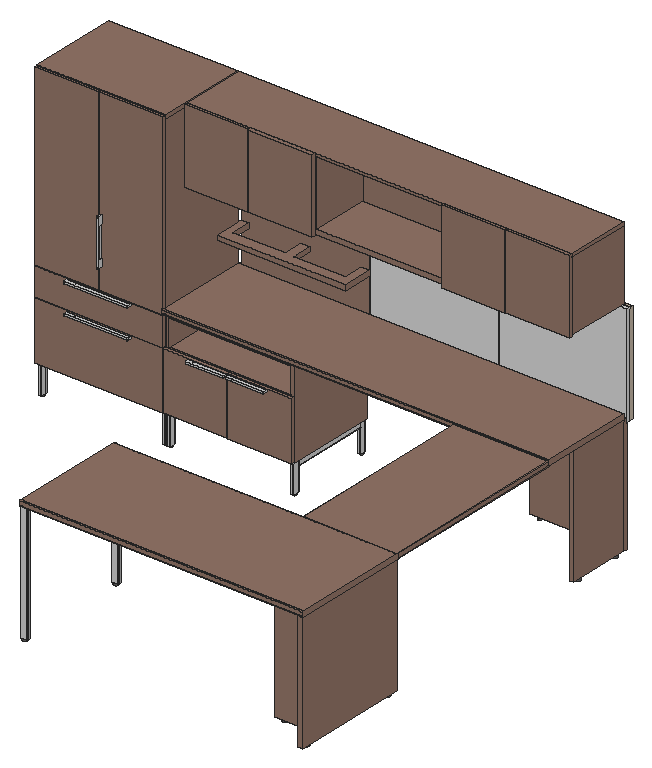
Revit family "FLV011", category Furniture, Revit 2019
Family settings
  OmniClass Number = 23.40.20.00
  OmniClass Title = General Furniture and Specialties
  Work Plane-Based = No
  Always vertical = Yes
  Cut with Voids When Loaded = No
  Shared = Yes
  Room Calculation Point = No
Parameters
  Series = "Flux Veneer"
  Manufacturer = "JSI"
  Description = "FLV011"
Reference planes (in)
  plane 1 "Center Front/Back": y = 0
  plane 2: z = 0
  plane 3 "Center Left/Right": x = 0
Dimensions and locks (in)
  aligned and locked: level to plane 2
Nested families (in)
  nested 1: "JSI-Flux-Rec_Tbl_Desk-Leg_Asmbly" at (-36.91645, -85.00468, 0) x (-1, 0, 0) z (0, 0, 1), type "FLV2866PDNEP, 66 x 28 Pen Tbl Dsk, Veneer"
    with Width 5' - 6", Depth 2' - 3 1/2"
  nested 2: "JSI-Flux-Bridge" at (-11.60231, -60.31882, -1.19599) x (0, -1, 0) z (0, 0, 1), type "FLV2244EB, Bridge, Veneer"
    with Width 3' - 8"
  nested 3: "JSI-Flux-Modular_Top" at (-54.78818, -13.03593, 0.19746), type "FLV2290MCT,  22 x 90 Mod Cred Top, Sec Sup, Veneer"
    with Width 7' - 6"
  nested 4: "JSI-Flux-Wall_Mount_OH_Cab_Opn_Compt" at (-54.72568, -13.00468, 23.2174), type "FLV1690-17WSMO,Wall Mount OH Cab Opn Cntr, 4 Dr, Veneer"
    with Width 7' - 5 7/8", Partition Distance_R 2' - 5 9/16", Partition Distance_L 2' - 5 9/16", Door Width 1' - 2 7/8", Door Array Distance 1' - 3"
  nested 5: "JSI-Flux-Wall_Mount_Tack_Panel" at (-24.76329, -10.52963, -1.99929), type "FLB3024WT, Wall Mount Tack Panel"
    with Width 2' - 6", Height 2' - 0", Depth 0' - 1.56"
  nested 6: "JSI-Flux-Wall_Mount_Tack_Panel" at (5.23671, -10.52963, -1.99092), type "FLB3024WT, Wall Mount Tack Panel"
    with Width 2' - 6", Height 2' - 0", Depth 0' - 1.56"
  nested 7: "JSI-Flux-Wardrobe-Pm_Ht" at (-84.79454, -13.00468, 0), type "FLV2230-69L6D, BF Strg Cab, Fls Lg, Veneer"
    with W yes, V_Void_Dist 0' - 2", V_Pull_R_L no, V_Pull_L_L yes, Top_V_Void_Dist 0' - 0", Top_Pull_Dist 0' - 7 21/32", Top_2_Pull_Dist 2' - 8 1/16", R_Vertical_Pull_Dist 1' - 3 7/8", Pull_Width 1' - 2 3/4", Partition no, Leg_Width 2' - 6 1/16", L_Vertical_Pull_Dist 1' - 3 5/16", Hngr_L no, Hanger_Dist 1' - 11 9/32", H_Void_Width 2' - 6 1/16", H_Void_Upper_Dist 0' - 2", H_Dist_V_Void 1' - 2 31/32", Top_Shelf_Width 2' - 4 1/2", Width 2' - 6 1/16", Partition Dist 1' - 11 9/32", H_Dist_Bottom_Shelf 0' - 0", F0 no, F no, Door Line yes, C_Shelf_Width 2' - 4 1/2", C_Pull_Dist 0' - 7 21/32", Bottom_Shelf_Width 2' - 4 1/2", Bottom_Pull_Dist 0' - 7 21/32"
  nested 8: "JSI-Flux-Workwall_Panel" at (-54.76329, -10.52963, -1.7368), type "FLV3024WPFF, Workwall Panel File Shelf, Veneer"
    with Width 2' - 6", Tray no, Tray_V_Dist 0' - 10 17/32", Tr no, Support Width 1' - 6", Tray_H_Dist 0' - 8 1/32", R_Bracket_V_Dist 0' - 0", R_Bracket Dist 0' - 1 13/16", R_Bracket yes, L_Bracket_V_Dist 0' - 0", L_Bracket yes, Cup Dist 0' - 10 17/32", Cup_H_Dist 2' - 1", Cup no, Clip no, Clip Dist 1' - 7", L_Bracket Dist 0' - 1 13/16", Acc no
  nested 9: "JSI-Flux-Md_Crdnz_Wg_End_Sup" at (-11.60231, -37.42083, 0) x (0, -1, 0) z (0, 0, 1), type "FLV2216WEAR, Md Crdnz Wg End Sup, R, Veneer"
    with Width 1' - 3 5/8", R yes, L no, End_Panel_Dist 0' - 0", Back_Panel_Width 1' - 2 3/4", Back_Panel_Dist 0' - 0 7/8"
  nested 10: "JSI-Flux- Lat_Ped_Pm_Ht" at (-59.76622, -13.00468, 0), type "FLV2230-29LM8, Pdst Opn Cmprt, Pm Ht, 2Dr, Veneer"
    with V_Void_Dist 0' - 0", Top Pull Height 1' - 1 31/64", Top Door no, Width 2' - 6", Single Door Line no, Shelf yes, Right Pull Dist 1' - 3 7/32", M8 yes, M5 no, Leg Width 2' - 6", Left Pull Dist 1' - 2 25/32", Grommet Dist 2' - 7", Db Doors Line yes, Bottom Pull Dist 0' - 10 37/64", Bottom Pull no
Definition of nested family "JSI-Flux-Rec_Tbl_Desk-Leg_Asmbly"
  Parameters (values of type "Type Catalog Family -Table Desk Leg Asmbly")
    Worksurface = none
    Width = 5' - 0"
    URL = "www.jsifurniture.com"
    Type Comments = ""
    Series = "FLUX"  # constant formula
    Model = "FLT3466PDNEP"
    Material = ""
    Manufacturer = "JSI"  # constant formula
    Keynote = "12500"
    JSI Enviromental Website = "http://www.jsifurniture.com/jsi_sustainability_intro.php"
    Height = 2' - 5"
    Glides = none
    Frame = none
    Description = "66 X 34 Rectangular Peninsula Table Desk with End Leg Assembly and Panel End"
    Depth = 2' - 9 1/2"
    Chassis = none
    Assembly Code = "E2020200"
  Reference planes (in)
    plane 1: z = 0
    plane 2 "Center (Left/Right)": x = -36.06413
    plane 3: z = 29
    plane 4: z = 27.8125
    plane 5 "Center (Front/Back)": y = 10.75
    plane 6: z = 0.3125
    plane 7: y = -22.75
    plane 8: x = 23.93587
  Forms (in)
    Extrusion 1, solid, material <- "Chassis"
      sketch origin (84, 10.625, 0.3125) x (0, 1, 0) y (-1, 0, 0)
        loop
          line (0, 118.75163) -> (0, 119.93913) -> (-33.25, 119.93913) -> (-33.25, 118.75163) -> (-27.4375, 118.75163) -> (-27.4375, 108.75163) -> (-26.25, 108.75163) -> (-26.25, 118.75163) -> (-7, 118.75163) -> (-7, 108.75163) -> (-5.8125, 108.75163) -> (-5.8125, 118.75163) -> (0, 118.75163)
      from 0 to 27.5
    Extrusion 2, solid, material <- "Frame"
      sketch origin (84, 10.625, 0.3125) x (0, 1, 0) y (-1, 0, 0)
        loop
          line (0, 60.25163) -> (0, 61.50163)
          arc (0, 61.50163) -> (-0.03661, 61.59002) -> (-0.125, 61.62663) r 0.125
          line (-0.125, 61.62663) -> (-0.625, 61.62663)
          arc (-0.625, 61.62663) -> (-0.71339, 61.59002) -> (-0.75, 61.50163) r 0.125
          line (-0.75, 61.50163) -> (-0.75, 60.25163)
          arc (-0.75, 60.25163) -> (-0.71339, 60.16325) -> (-0.625, 60.12663) r 0.125
          line (-0.625, 60.12663) -> (-0.125, 60.12663)
          arc (-0.125, 60.12663) -> (-0.03661, 60.16325) -> (0, 60.25163) r 0.125
        loop
          line (-32.5, 60.25163) -> (-32.5, 61.50163)
          arc (-32.5, 61.50163) -> (-32.53661, 61.59002) -> (-32.625, 61.62663) r 0.125
          line (-32.625, 61.62663) -> (-33.125, 61.62663)
          arc (-33.125, 61.62663) -> (-33.21339, 61.59002) -> (-33.25, 61.50163) r 0.125
          line (-33.25, 61.50163) -> (-33.25, 60.25163)
          arc (-33.25, 60.25163) -> (-33.21339, 60.16325) -> (-33.125, 60.12663) r 0.125
          line (-33.125, 60.12663) -> (-32.625, 60.12663)
          arc (-32.625, 60.12663) -> (-32.53661, 60.16325) -> (-32.5, 60.25163) r 0.125
      from 0 to 27.5
    Extrusion 3, solid, material <- "Worksurface"
      sketch origin (0, 0, 0) x (0, 1, 0) y (0, 0, 1)
        loop
          arc (10.625, 27.8125) -> (10.71339, 27.84911) -> (10.75, 27.9375) r 0.125
          line (10.75, 27.9375) -> (10.75, 28.875)
          arc (10.75, 28.875) -> (10.71339, 28.96339) -> (10.625, 29) r 0.125
          line (10.625, 29) -> (-22.625, 29)
          arc (-22.625, 29) -> (-22.71339, 28.96339) -> (-22.75, 28.875) r 0.125
          line (-22.75, 28.875) -> (-22.75, 27.9375)
          arc (-22.75, 27.9375) -> (-22.71339, 27.84911) -> (-22.625, 27.8125) r 0.125
          line (-22.625, 27.8125) -> (10.625, 27.8125)
      from -36.06413 to 23.93587
    Extrusion 4, solid, material <- "Frame"
      sketch origin (0, 0, 0) x (1, 0, 0) y (0, 0, 1)
        loop
          arc (23.24837, 27.8125) -> (23.15998, 27.77589) -> (23.12337, 27.6875) r 0.125
          line (23.12337, 27.6875) -> (23.12337, 26.4375)
          arc (23.12337, 26.4375) -> (23.15998, 26.34911) -> (23.24837, 26.3125) r 0.125
          line (23.24837, 26.3125) -> (23.74837, 26.3125)
          arc (23.74837, 26.3125) -> (23.83675, 26.34911) -> (23.87337, 26.4375) r 0.125
          line (23.87337, 26.4375) -> (23.87337, 27.6875)
          arc (23.87337, 27.6875) -> (23.83675, 27.77589) -> (23.74837, 27.8125) r 0.125
          line (23.74837, 27.8125) -> (23.24837, 27.8125)
      from -9.875 to 21.875
    Extrusion 5, solid, material <- "Glides"
      sketch origin (0, 0, 0) x (1, 0, 0) y (0, 1, 0)
        loop
          circle (-35.34216, 8.87431) r 0.55846
        loop
          circle (-26.50726, 4.22173) r 0.55846
        loop
          circle (-35.34216, -20.87431) r 0.55846
        loop
          circle (-26.50726, -16.22173) r 0.55846
      from 0 to 0.3125
    Extrusion 6, solid, material <- "Glides"
      sketch origin (59, 0, 0) x (1, 0, 0) y (0, 1, 0)
        loop
          circle (-35.85735, 10.25072) r 0.55846
        loop
          circle (-35.85735, -22.25072) r 0.55846
      from 0 to 0.3125
  Lines and regions (in)
    symbolic lines
      curve 1: line (-36.06413, -22.75, 0) -> (23.93587, -22.75, 0)
      curve 2: line (-36.06413, 10.75, 0) -> (-36.06413, -22.75, 0)
      curve 3: line (23.93587, 10.75, 0) -> (-36.06413, 10.75, 0)
      curve 4: line (23.93587, -22.75, 0) -> (23.93587, 10.75, 0)
    symbolic lines, detail levels medium+fine
      curve 5: line (-35.93913, 10.625, 0) -> (-35.93913, -22.625, 0)
      curve 6: line (-34.75163, 10.625, 0) -> (-35.93913, 10.625, 0)
      curve 7: line (-34.75163, 4.8125, 0) -> (-34.75163, 10.625, 0)
      curve 8: line (-24.75163, 4.8125, 0) -> (-34.75163, 4.8125, 0)
      curve 9: line (-24.75163, 3.625, 0) -> (-24.75163, 4.8125, 0)
      curve 10: line (-34.75163, 3.625, 0) -> (-24.75163, 3.625, 0)
      curve 11: line (-34.75163, -15.625, 0) -> (-34.75163, 3.625, 0)
      curve 12: line (-24.75163, -15.625, 0) -> (-34.75163, -15.625, 0)
      curve 13: line (-24.75163, -16.8125, 0) -> (-24.75163, -15.625, 0)
      curve 14: line (-34.75163, -16.8125, 0) -> (-24.75163, -16.8125, 0)
      curve 15: line (-34.75163, -22.625, 0) -> (-34.75163, -16.8125, 0)
      curve 16: line (-35.93913, -22.625, 0) -> (-34.75163, -22.625, 0)
      curve 17: line (23.87337, 10.625, 0) -> (22.37337, 10.625, 0)
      curve 18: line (22.37337, 9.875, 0) -> (23.87337, 9.875, 0)
      curve 19: line (23.87337, 9.875, 0) -> (23.87337, 10.625, 0)
      curve 20: line (22.37337, 10.625, 0) -> (22.37337, 9.875, 0)
      curve 21: line (22.37337, -22.625, 0) -> (23.87337, -22.625, 0)
      curve 22: line (23.87337, -21.875, 0) -> (22.37337, -21.875, 0)
      curve 23: line (22.37337, -21.875, 0) -> (22.37337, -22.625, 0)
      curve 24: line (23.87337, -22.625, 0) -> (23.87337, -21.875, 0)
  Dimensions and locks (in)
    locked: plane 6 to level at 0.3125
    "Depth": plane 7 to plane 5 "Center (Front/Back)"
    locked: plane 3 to plane 4 at 1.1875
    plane 3 to level = 2' - 5"
    "Width": plane 2 "Center (Left/Right)" to plane 8
    Extrusion 2 sketch curve to Extrusion 2 sketch curve to plane 8 = 0' - 1 1/2" locked, 0' - 0 1/16" locked  (x2)
    Extrusion 2 sketch curve to Extrusion 2 sketch curve to plane 5 "Center (Front/Back)" = 0' - 0 3/4" locked, 0' - 0 1/8" locked
    Extrusion 2 sketch curve to Extrusion 2 sketch curve to plane 7 = 0' - 0 3/4" locked, 0' - 0 1/8" locked
    plane 2 "Center (Left/Right)" to Extrusion 1 sketch curve to Extrusion 1 sketch curve to Extrusion 1 sketch curve = 0' - 0 1/8" locked, 0' - 1 3/16" locked, 0' - 10" locked
    locked: Extrusion 1 sketch curve to plane 5 "Center (Front/Back)" at 0.125
    locked: plane 7 to Extrusion 1 sketch curve at 0.125
    plane 8 to Extrusion 4 sketch curve to Extrusion 4 sketch curve = 0' - 0 1/16" locked, 0' - 0 3/4" locked
    locked: plane 4 to Extrusion 4 sketch curve at 1.5
    Extrusion 5 sketch curve to Extrusion 5 sketch curve to plane 5 "Center (Front/Back)" = 0' - 4.65258" locked, 0' - 1.87569" locked
    Extrusion 5 sketch curve to Extrusion 5 sketch curve to plane 2 "Center (Left/Right)" = 0' - 8.8349" locked, 0' - 0.72197" locked
    plane 7 to Extrusion 5 sketch curve to Extrusion 5 sketch curve = 0' - 1.87569" locked, 0' - 4.65258" locked
    plane 2 "Center (Left/Right)" to Extrusion 5 sketch curve to Extrusion 5 sketch curve = 0' - 0.72197" locked, 0' - 8.8349" locked
    locked: Extrusion 6 sketch curve to plane 8 at 0.79322  (x2)
    locked: Extrusion 6 sketch curve to plane 5 "Center (Front/Back)" at 0.49928
    locked: plane 7 to Extrusion 6 sketch curve at 0.49928
    aligned and locked: level to plane 1
    aligned and locked: plane 4 to Extrusion 1
    aligned and locked: plane 4 to Extrusion 2
    aligned and locked: Extrusion 1 to plane 6
    aligned and locked: Extrusion 2 to plane 6
    aligned and locked: Extrusion 3 sketch curve to plane 5 "Center (Front/Back)"
    aligned and locked: plane 3 to Extrusion 3 sketch curve
    aligned and locked: Extrusion 3 sketch curve to plane 4
    aligned and locked: plane 7 to Extrusion 3 sketch curve
    aligned and locked: Extrusion 3 to plane 2 "Center (Left/Right)"
    aligned and locked: plane 8 to Extrusion 3
    aligned and locked: Extrusion 1 sketch curve to Extrusion 1 sketch curve  (x3)
    aligned and locked: Extrusion 4 sketch curve to plane 4
    aligned and locked: Extrusion 4 to Extrusion 2  (x2)
    aligned and locked: Extrusion 5 to level
    aligned and locked: plane 6 to Extrusion 5
    aligned and locked: curve 2 to plane 2 "Center (Left/Right)"
    aligned and locked: plane 8 to curve 4
    aligned and locked: curve 3 to plane 5 "Center (Front/Back)"
    aligned and locked: plane 7 to curve 1
    aligned and locked: curve 5 to Extrusion 1
    aligned and locked: curve 6 to Extrusion 1
    aligned and locked: curve 7 to Extrusion 1
    aligned and locked: curve 8 to Extrusion 1
    aligned and locked: curve 9 to Extrusion 1
    aligned and locked: curve 10 to Extrusion 1
    aligned and locked: curve 11 to Extrusion 1
    aligned and locked: curve 12 to Extrusion 1
    aligned and locked: curve 13 to Extrusion 1
    aligned and locked: curve 14 to Extrusion 1
    aligned and locked: curve 15 to Extrusion 1
    aligned and locked: curve 16 to Extrusion 1
    aligned and locked: curve 17 to Extrusion 2
    aligned and locked: curve 18 to Extrusion 2
    aligned and locked: curve 19 to Extrusion 2
    aligned and locked: curve 20 to Extrusion 2
    aligned and locked: curve 21 to Extrusion 2
    aligned and locked: curve 22 to Extrusion 2
    aligned and locked: curve 23 to Extrusion 2
    aligned and locked: curve 24 to Extrusion 2
  Automatic sketch dimensions
    Extrusion 1 sketch curve to plane 7 = 0' - 5 15/16"
    Extrusion 1 sketch curve to Extrusion 1 sketch curve = 0' - 1 3/16"  (x2)
    plane 5 "Center (Front/Back)" to Extrusion 1 sketch curve = 0' - 7 1/8"
    Extrusion 2 sketch curve to Extrusion 2 sketch curve = 0' - 0 1/8"  (x8)
    Extrusion 3 sketch curve to Extrusion 3 sketch curve = 0' - 0 1/8"  (x3)
    plane 4 to Extrusion 3 sketch curve = 0' - 0 1/8"
    Extrusion 4 sketch curve to Extrusion 4 sketch curve = 0' - 0 1/8"  (x4)
    radius of Extrusion 5 sketch curve = 0' - 0.55846"  (x4)
    radius of Extrusion 6 sketch curve = 0' - 0.55846"  (x2)
Definition of nested family "JSI-Flux-Bridge"
  Parameters (values of type "Type Catalog - Bridge")
    Width = 4' - 2"
    URL = "www.jsifurniture.com"
    Type Comments = ""
    TAG = "Open"
    Top = none
    Series = "FLUX"  # constant formula
    OH Elevation = 2' - 5"
    Model = ""
    Manufacturer = "JSI"  # constant formula
    Keynote = "12500"
    JSI Enviromental Website = "http://www.jsifurniture.com/jsi_sustainability_intro.php"
    Height = 0' - 1 3/16"
    Support Panels = none
    Description = ""
    Depth = 1' - 10"
    Assembly Code = "E2020200"
  Reference planes (in)
    plane 1: z = 0
    plane 2 "Center (Left/Right)": x = -36.06413
    plane 3 "Center (Front/Back)": y = 10.75
    plane 4: y = -11.25
    plane 5: z = 29
    plane 6: x = 13.93587
    plane 7: z = 30.1875
    plane 8: z = 28
    plane 9: y = 6.75
    plane 10: y = 2.75
    plane 11: y = -7.25
    plane 12: y = -3.25
  Forms (in)
    Extrusion 1, solid, material <- "Top"
      sketch origin (0, 0, 0) x (0, 1, 0) y (0, 0, 1)
        loop
          line (10.625, 30.1875) -> (-11.125, 30.1875)
          arc (-11.125, 30.1875) -> (-11.21339, 30.15089) -> (-11.25, 30.0625) r 0.125
          line (-11.25, 30.0625) -> (-11.25, 29.125)
          arc (-11.25, 29.125) -> (-11.21339, 29.03661) -> (-11.125, 29) r 0.125
          line (-11.125, 29) -> (10.625, 29)
          arc (10.625, 29) -> (10.71339, 29.03661) -> (10.75, 29.125) r 0.125
          line (10.75, 29.125) -> (10.75, 30.0625)
          arc (10.75, 30.0625) -> (10.71339, 30.15089) -> (10.625, 30.1875) r 0.125
      from -36.06413 to 13.93587
    Extrusion 2, solid, material <- "Support Panels"
      sketch origin (0, 0, 0) x (0, 1, 0) y (0, 0, 1)
        loop
          line (6.75, 29) -> (2.75, 29) -> (2.75, 28) -> (6.75, 28) -> (6.75, 29)
      from -36.06413 to 13.93587
    Extrusion 3, solid, material <- "Support Panels"
      sketch origin (0, 0, 0) x (0, 1, 0) y (0, 0, 1)
        loop
          line (-3.25, 29) -> (-7.25, 29) -> (-7.25, 28) -> (-3.25, 28) -> (-3.25, 29)
      from -36.06413 to 13.93587
  Lines and regions (in)
    symbolic lines
      curve 1: line (-36.06413, 10.75, 0) -> (-36.06413, -11.25, 0)
      curve 2: line (13.93587, 10.75, 0) -> (13.93587, -11.25, 0)
      curve 3: line (13.93587, 10.75, 0) -> (-36.06413, 10.75, 0)
      curve 4: line (13.93587, -11.25, 0) -> (-36.06413, -11.25, 0)
  Dimensions and locks (in)
    "Depth": plane 4 to plane 3 "Center (Front/Back)"
    "OH Elevation": plane 5 to plane 1
    "Width": plane 2 "Center (Left/Right)" to plane 6
    "Height": plane 7 to plane 5
    locked: plane 5 to plane 8 at 1
    plane 10 to plane 9 to plane 3 "Center (Front/Back)" = 0' - 4" locked, 0' - 4" locked
    plane 4 to plane 11 to plane 12 = 0' - 4" locked, 0' - 4" locked
    aligned and locked: level to plane 1
    aligned and locked: plane 7 to Extrusion 1 sketch curve
    aligned and locked: plane 5 to Extrusion 1 sketch curve
    aligned and locked: plane 3 "Center (Front/Back)" to Extrusion 1 sketch curve
    aligned and locked: plane 4 to Extrusion 1 sketch curve
    aligned and locked: Extrusion 1 to plane 2 "Center (Left/Right)"
    aligned and locked: plane 6 to Extrusion 1
    aligned and locked: plane 9 to Extrusion 2 sketch curve
    aligned and locked: plane 10 to Extrusion 2 sketch curve
    aligned and locked: plane 5 to Extrusion 2 sketch curve
    aligned and locked: plane 8 to Extrusion 2 sketch curve
    aligned and locked: plane 12 to Extrusion 3 sketch curve
    aligned and locked: plane 11 to Extrusion 3 sketch curve
    aligned and locked: plane 5 to Extrusion 3 sketch curve
    aligned and locked: plane 8 to Extrusion 3 sketch curve
    aligned and locked: Extrusion 2 to plane 2 "Center (Left/Right)"
    aligned and locked: Extrusion 3 to plane 2 "Center (Left/Right)"
    aligned and locked: plane 6 to Extrusion 2
    aligned and locked: plane 6 to Extrusion 3
    aligned and locked: curve 1 to plane 2 "Center (Left/Right)"
    aligned and locked: curve 2 to plane 6
    aligned and locked: curve 3 to plane 3 "Center (Front/Back)"
    aligned and locked: curve 4 to plane 4
  Automatic sketch dimensions
    Extrusion 1 sketch curve to plane 4 = 0' - 0 1/8"  (x2)
    plane 3 "Center (Front/Back)" to Extrusion 1 sketch curve = 0' - 0 1/8"  (x2)
Definition of nested family "JSI-Flux-Modular_Top"
  Parameters (values of type "Type Catalog Family - Credenza Top")
    Worksurface = none
    Width = 1' - 6"
    URL = "www.jsifurniture.com"
    Type Comments = ""
    Series = "FLUX"  # constant formula
    Model = "FLT2118MCT"
    Material = ""
    Manufacturer = "JSI"  # constant formula
    Keynote = "12500"
    JSI Enviromental Website = "http://www.jsifurniture.com/jsi_sustainability_intro.php"
    Height = 2' - 5"
    Description = "Credenza Top, Depth 22”, Width 18”, Laminate"
    Depth = 1' - 10"
    Assembly Code = "E2020200"
  Reference planes (in)
    plane 1: z = 0
    plane 2 "Center (Left/Right)": x = -36.06413
    plane 3: z = 29
    plane 4: z = 27.8125
    plane 5: y = -11.25
    plane 6 "Center (Front/Back)": y = 10.75
    plane 7: x = -18.06413
    plane 8: z = 0.3125
    plane 9: x = -18.12663
  Forms (in)
    Extrusion 1, solid, material <- "Worksurface"
      sketch origin (0, 0, 0) x (0, 1, 0) y (0, 0, 1)
        loop
          arc (10.625, 27.8125) -> (10.71339, 27.84911) -> (10.75, 27.9375) r 0.125
          line (10.75, 27.9375) -> (10.75, 28.875)
          arc (10.75, 28.875) -> (10.71339, 28.96339) -> (10.625, 29) r 0.125
          line (10.625, 29) -> (-11.125, 29)
          arc (-11.125, 29) -> (-11.21339, 28.96339) -> (-11.25, 28.875) r 0.125
          line (-11.25, 28.875) -> (-11.25, 27.9375)
          arc (-11.25, 27.9375) -> (-11.21339, 27.84911) -> (-11.125, 27.8125) r 0.125
          line (-11.125, 27.8125) -> (10.625, 27.8125)
      from -36.06413 to -18.06413
  Lines and regions (in)
    symbolic lines
      curve 1: line (-36.06413, 10.75, 0) -> (-18.06413, 10.75, 0)
      curve 2: line (-36.06413, -11.25, 0) -> (-36.06413, 10.75, 0)
      curve 3: line (-18.06413, -11.25, 0) -> (-36.06413, -11.25, 0)
      curve 4: line (-18.06413, 10.75, 0) -> (-18.06413, -11.25, 0)
    symbolic lines, detail levels medium+fine
      curve 5: line (-18.09489, 10.625, 0) -> (-18.09489, 9.875, 0)
  Dimensions and locks (in)
    "Height": plane 3 to level
    locked: plane 3 to plane 4 at 1.1875
    "Width": plane 2 "Center (Left/Right)" to plane 7
    locked: plane 8 to level at 0.3125
    plane 9 to plane 7 = 0' - 0 1/16"
    plane 2 "Center (Left/Right)" to plane 7 = 1' - 6"
    "Depth": plane 5 to plane 6 "Center (Front/Back)"
    aligned and locked: level to plane 1
    aligned and locked: plane 2 "Center (Left/Right)" to curve 2
    aligned and locked: plane 6 "Center (Front/Back)" to curve 1
    aligned and locked: plane 7 to curve 4
    aligned and locked: Extrusion 1 sketch curve to plane 6 "Center (Front/Back)"
    aligned and locked: Extrusion 1 sketch curve to plane 4
    aligned and locked: plane 3 to Extrusion 1 sketch curve
    aligned and locked: Extrusion 1 sketch curve to plane 5
    aligned and locked: Extrusion 1 to plane 2 "Center (Left/Right)"
    aligned and locked: Extrusion 1 to plane 7
  Automatic sketch dimensions
    plane 5 to Extrusion 1 sketch curve = 0' - 0 1/8"  (x2)
    plane 6 "Center (Front/Back)" to Extrusion 1 sketch curve = 0' - 0 1/8"  (x2)
    curve 3 to plane 5 = 0' - 0"
    plane 6 "Center (Front/Back)" to curve 5 = 0' - 0 7/8"
    plane 7 to curve 5 = 0' - 0.03076"
    plane 6 "Center (Front/Back)" to curve 5 = 0' - 0 1/8"
Definition of nested family "JSI-Flux-Wall_Mount_OH_Cab_Opn_Compt"
  Parameters (values of type "Type Catalog - Wall Mount OH Cab Opn Compt")
    Wiring Hole Dist = if(Door Adjust > 3, 1' 6", 0' 9")  # 1' - 6"
    Top = none
    Width = 7' - 11 7/8"
    URL = "www.jsifurniture.com"
    Type Comments = ""
    TAG = if(Width > 6' 6", "2 Doors - Open - 2 Doors", (if(Width > 4' 6", (if(Part_R, "Open - 2 Doors", "2 Doors - Open")), "1 Door - Open - 1 Door")))  # "2 Doors - Open - 2 Doors"
    Shelf = none
    Series = "FLUX"  # constant formula
    Part_R = yes
    Part_L = yes
    Partition Distance_R = if(Door Adjust = 6, ((Door Width * 2) + 0' 0 1/8" - 0' 0 5/16"), (if(Door Adjust = 4, ((Width / 2) - 0' 0 3/8"), (if(Door Adjust = 3, (Door Width - 0' 0 5/16"), 0' 0")))))  # 2' - 7 9/16"
    Partition Distance_L = if(Door Adjust = 6, ((Door Width * 2) + 0' 0 1/8" - 0' 0 5/16"), (if(Door Adjust = 4, ((Width / 2) - 0' 0 3/8"), (if(Door Adjust = 3, (Door Width - 0' 0 5/16"), 0' 0")))))  # 2' - 7 9/16"
    OH Elevation = 2' - 5"
    Model = ""
    Manufacturer = "JSI"  # constant formula
    Level of Base Shelve = 0' - 0"
    Keynote = "12500"
    JSI Enviromental Website = "http://www.jsifurniture.com/jsi_sustainability_intro.php"
    Height = 1' - 5"
    Door Width = (Width - (0' 0 1/8" * (Door Adjust - 1))) / Door Adjust  # 1' - 3 7/8"
    Door Array Distance = if(Width > 4' 6", (Door Width + 0' 0 1/8"), 0' 0")  # 1' - 4"
    Back Panel = none
    Door Front = none
    Description = ""
    Depth = 1' - 3 7/8"
    Chassis = none
    Assembly Code = "E2020200"
    Door Adjust = if(Width > 6' 6", 6, if(Width > 4' 6", 4, (if(Width > 3' 0", 3, 2))))  # 6
    # of Doors = 2
  Reference planes (in)
    plane 1: z = 0
    plane 2 "Center (Left/Right)": x = -36.06413
    plane 3 "Center (Front/Back)": y = 10.75
    plane 4: y = 9.25
    plane 5: x = -35.31413
    plane 6: x = 59.81087
    plane 7: x = 59.06087
    plane 8: x = -4.50163
    plane 9: x = -3.75163
    plane 10: x = 28.24837
    plane 11: x = 27.49837
    plane 12: y = -5.0625
    plane 13: y = -4.3125
    plane 14: y = -4.25
    plane 15: y = -2.0625
    plane 16: y = -5.125
    plane 17: x = 11.87337
    plane 18: z = 29
    plane 19: z = 29
    plane 20: z = 30.1875
    plane 21: z = 28.75
    plane 22: z = 45.25
    plane 23: z = 46
    plane 24: y = 9.1875
    plane 25: y = 9.9375
    plane 26: x = -20.18913
    plane 27: x = -20.06413
    plane 28: z = 28.5
    plane 29: x = -35.31413
    plane 30: x = -4.50163
    plane 31: x = -3.75163
    plane 32: x = 28.24837
    plane 33: x = 27.49837
    plane 34: x = 59.06087
    plane 35: x = -18.06413
    plane 36: x = 41.81087
    plane 37: x = 43.93587
    plane 38: x = 43.81087
    plane 39: x = -34.31413
    plane 40: x = 58.06087
    plane 41: z = 40.0625
    plane 42: z = 42.25
  Forms (in)
    Extrusion 1, solid, material <- "Chassis"
      sketch origin (0, 0, 0) x (1, 0, 0) y (0, 1, 0)
        loop
          line (-36.06413, 10.75) -> (-36.06413, -4.25) -> (-35.31413, -4.25) -> (-35.31413, 10.75) -> (-36.06413, 10.75)
      from 29 to 45.25
    Extrusion 2, solid, material <- "Chassis"
      sketch origin (0, 0, 0) x (1, 0, 0) y (0, 1, 0)
        loop
          line (59.06087, 10.75) -> (59.06087, -4.25) -> (59.81087, -4.25) -> (59.81087, 10.75) -> (59.06087, 10.75)
      from 29 to 45.25
    Extrusion 3, solid, material <- "Top"
      sketch origin (0, 0, 0) x (1, 0, 0) y (0, 0, 1)
        loop
          line (-36.06413, 45.25) -> (59.81087, 45.25) -> (59.81087, 46) -> (-36.06413, 46) -> (-36.06413, 45.25)
      from -10.75 to 4.25
    Extrusion 4, solid, material <- "Shelf"
      sketch origin (0, 0, 0) x (1, 0, 0) y (0, 0, 1)
        loop
          line (-35.31413, 30.1875) -> (-35.31413, 29) -> (59.06087, 29) -> (59.06087, 30.1875) -> (-35.31413, 30.1875)
      from -9.1875 to 4.25
    Extrusion 5, solid, material <- "Back Panel"
      sketch origin (0, 0, 0) x (1, 0, 0) y (0, 0, 1)
        loop
          line (-35.31413, 45.25) -> (-35.31413, 29) -> (59.06087, 29) -> (59.06087, 45.25) -> (-35.31413, 45.25)
      from -9.9375 to -9.1875
    Extrusion 6, solid, material <- "Chassis", visible <- "Part_L"
      sketch origin (0, 0, 0) x (1, 0, 0) y (0, 1, 0)
        loop
          line (-4.50163, 9.1875) -> (-4.50163, -4.25) -> (-3.75163, -4.25) -> (-3.75163, 9.1875) -> (-4.50163, 9.1875)
      from 30.1875 to 45.25
    Extrusion 7, solid, material <- "Chassis", visible <- "Part_R"
      sketch origin (0, 0, 0) x (1, 0, 0) y (0, 1, 0)
        loop
          line (27.49837, 9.1875) -> (27.49837, -4.25) -> (28.24837, -4.25) -> (28.24837, 9.1875) -> (27.49837, 9.1875)
      from 30.1875 to 45.25
    Extrusion 8, solid, material <- "Door Front", visible <- "Part_L"
      sketch origin (0, 0, -23) x (1, 0, 0) y (0, 0, 1)
        loop
          line (-36.06413, 69) -> (-36.06413, 51.75) -> (-20.18913, 51.75) -> (-20.18913, 69) -> (-36.06413, 69)
      from 4.3125 to 5.0625
    Extrusion 9, solid, material <- "Door Front", visible <- "Part_L"
      sketch origin (16, 0, -23) x (1, 0, 0) y (0, 0, 1)
        loop
          line (-36.06413, 69) -> (-36.06413, 51.75) -> (-20.18913, 51.75) -> (-20.18913, 69) -> (-36.06413, 69)
      from 4.3125 to 5.0625
    Extrusion 10, solid, material <- "Door Front", visible <- "Part_R"
      sketch origin (0, 0, -23) x (1, 0, 0) y (0, 0, 1)
        loop
          line (43.93587, 69) -> (43.93587, 51.75) -> (59.81087, 51.75) -> (59.81087, 69) -> (43.93587, 69)
      from 4.3125 to 5.0625
    Extrusion 11, solid, material <- "Door Front", visible <- "Part_R"
      sketch origin (-16, 0, -23) x (1, 0, 0) y (0, 0, 1)
        loop
          line (43.93587, 69) -> (43.93587, 51.75) -> (59.81087, 51.75) -> (59.81087, 69) -> (43.93587, 69)
      from 4.3125 to 5.0625
    Extrusion 12, solid, material <- "Back Panel"
      sketch origin (0, 0, 0) x (0, 1, 0) y (0, 0, 1)
        loop
          line (10.75, 45.25) -> (9.9375, 45.25) -> (9.9375, 42.25) -> (10.75, 42.25) -> (10.75, 45.25)
      from -35.31413 to 59.06087
    Extrusion 13, solid, material <- "Back Panel"
      sketch origin (0, 0, 0) x (0, 1, 0) y (0, 0, 1)
        loop
          line (10.75, 42.25) -> (9.9375, 42.25) -> (9.9375, 40.0625) -> (10.75, 40.0625) -> (10.75, 42.25)
      from -34.31413 to 58.06087
  Lines and regions (in)
    symbolic lines
      curve 1: line (-36.06413, 10.75, 0) -> (-36.06413, -4.25, 0)
      curve 2: line (59.81087, 10.75, 0) -> (-36.06413, 10.75, 0)
      curve 3: line (59.81087, 10.75, 0) -> (59.81087, -4.25, 0)
      curve 4: line (59.81087, -4.25, 0) -> (-36.06413, -4.25, 0)
    symbolic lines, visible <- "Part_L"
      curve 5: line (-36.06413, -4.3125, 0) -> (-36.06413, -5.0625, 0)
      curve 6: line (-20.18913, -5.0625, 0) -> (-20.18913, -4.3125, 0)
      curve 7: line (-20.18913, -4.3125, 0) -> (-36.06413, -4.3125, 0)
      curve 8: line (-36.06413, -5.0625, 0) -> (-20.18913, -5.0625, 0)
      curve 9: line (-20.06413, -4.3125, 0) -> (-20.06413, -5.0625, 0)
      curve 10: line (-4.18913, -5.0625, 0) -> (-4.18913, -4.3125, 0)
      curve 11: line (-4.18913, -4.3125, 0) -> (-20.06413, -4.3125, 0)
      curve 12: line (-20.06413, -5.0625, 0) -> (-4.18913, -5.0625, 0)
    symbolic lines, visible <- "Part_R"
      curve 13: line (59.81087, -5.0625, 0) -> (59.81087, -4.3125, 0)
      curve 14: line (43.93587, -4.3125, 0) -> (43.93587, -5.0625, 0)
      curve 15: line (59.81087, -4.3125, 0) -> (43.93587, -4.3125, 0)
      curve 16: line (43.93587, -5.0625, 0) -> (59.81087, -5.0625, 0)
      curve 17: line (43.81087, -5.0625, 0) -> (43.81087, -4.3125, 0)
      curve 18: line (27.93587, -4.3125, 0) -> (27.93587, -5.0625, 0)
      curve 19: line (43.81087, -4.3125, 0) -> (27.93587, -4.3125, 0)
      curve 20: line (27.93587, -5.0625, 0) -> (43.81087, -5.0625, 0)
    symbolic lines, detail levels medium+fine
      curve 21: line (-35.31413, 9.1875, 0) -> (59.06087, 9.1875, 0)
      curve 22: line (59.06087, 9.1875, 0) -> (59.06087, 9.9375, 0)
      curve 23: line (59.06087, 9.9375, 0) -> (-35.31413, 9.9375, 0)
      curve 24: line (-35.31413, 9.9375, 0) -> (-35.31413, 9.1875, 0)
      curve 25: line (59.06087, 10.75, 0) -> (59.06087, -4.25, 0)
      curve 26: line (-35.31413, -4.25, 0) -> (-35.31413, 10.75, 0)
    symbolic lines, visible <- "Part_L", detail levels medium+fine
      curve 27: line (-3.75163, -4.25, 0) -> (-3.75163, 9.1875, 0)
      curve 28: line (-3.75163, 9.1875, 0) -> (-4.50163, 9.1875, 0)
      curve 29: line (-4.50163, 9.1875, 0) -> (-4.50163, -4.25, 0)
      curve 30: line (-4.50163, -4.25, 0) -> (-3.75163, -4.25, 0)
    symbolic lines, visible <- "Part_R", detail levels medium+fine
      curve 31: line (28.24837, -4.25, 0) -> (28.24837, 9.1875, 0)
      curve 32: line (28.24837, 9.1875, 0) -> (27.49837, 9.1875, 0)
      curve 33: line (27.49837, 9.1875, 0) -> (27.49837, -4.25, 0)
      curve 34: line (27.49837, -4.25, 0) -> (28.24837, -4.25, 0)
  Dimensions and locks (in)
    "Width": plane 2 "Center (Left/Right)" to plane 6
    "Depth": plane 16 to plane 3 "Center (Front/Back)"
    plane 12 to plane 13 to plane 14 to plane 15 = 0' - 0 3/4" locked, 0' - 0 1/16" locked, 0' - 2 3/16" locked
    locked: plane 16 to plane 12 at 0.0625
    locked: plane 2 "Center (Left/Right)" to plane 5 at 0.75
    locked: plane 8 to plane 9 at 0.75
    locked: plane 11 to plane 10 at 0.75
    locked: plane 7 to plane 6 at 0.75
    equal spacing: plane 2 "Center (Left/Right)", plane 17, plane 6
    "Height": plane 23 to plane 18
    "OH Elevation": plane 18 to plane 1
    plane 23 to plane 22 to plane 41 = 0' - 0 3/4" locked, 0' - 5 3/16" locked
    locked: plane 20 to plane 19 at 1.1875
    "Level of Base Shelve": plane 19 to plane 18
    plane 19 to plane 21 to plane 28 = 0' - 0 1/4" locked, 0' - 0 1/4" locked
    locked: plane 24 to plane 4 at 0.0625
    "Partition Distance_L": plane 2 "Center (Left/Right)" to plane 8
    "Partition Distance_R": plane 10 to plane 6
    plane 2 "Center (Left/Right)" to plane 29 = 0' - 0 3/4"
    equal spacing: group 1, group 2, group 3, group 8, group 9, group 10  (x3)
    "Wiring Hole Dist": plane 2 "Center (Left/Right)" to plane 35
    "Wiring Hole Dist": plane 36 to plane 6
    "Door Width": Extrusion 8 sketch curve to Extrusion 8 sketch curve
    "Door Width": Extrusion 9 sketch curve to Extrusion 9 sketch curve
    group 4 to group 5 = 1' - 4"
    group 4 to group 5 = 0' - 0"  (x2)
    "Door Array Distance": Extrusion 8 to Extrusion 9
    "Door Width": Extrusion 10 sketch curve to Extrusion 10 sketch curve
    "Door Width": Extrusion 11 sketch curve to Extrusion 11 sketch curve
    group 7 to group 6 = 1' - 4"
    group 6 to group 7 = 0' - 0"  (x2)
    "Door Array Distance": Extrusion 11 to Extrusion 10
    plane 24 to plane 25 to plane 3 "Center (Front/Back)" = 0' - 0 3/4" locked, 0' - 0 13/16" locked
    locked: plane 29 to plane 39 at 1
    locked: plane 40 to plane 34 at 1
    locked: plane 22 to plane 42 at 3
    aligned and locked: level to plane 1
    aligned and locked: Extrusion 1 sketch curve to plane 2 "Center (Left/Right)"
    aligned and locked: Extrusion 1 sketch curve to plane 5
    aligned and locked: Extrusion 1 sketch curve to plane 3 "Center (Front/Back)"
    aligned and locked: Extrusion 1 sketch curve to plane 14
    aligned and locked: Extrusion 2 sketch curve to plane 7
    aligned and locked: Extrusion 2 sketch curve to plane 6
    aligned and locked: Extrusion 2 sketch curve to plane 3 "Center (Front/Back)"
    aligned and locked: Extrusion 2 sketch curve to plane 14
    aligned and locked: plane 22 to Extrusion 1
    aligned and locked: plane 22 to Extrusion 2
    aligned and locked: Extrusion 1 to plane 18
    aligned and locked: Extrusion 2 to plane 18
    aligned and locked: Extrusion 3 sketch curve to plane 22
    aligned and locked: Extrusion 3 sketch curve to plane 23
    aligned and locked: Extrusion 3 sketch curve to plane 2 "Center (Left/Right)"
    aligned and locked: Extrusion 3 sketch curve to plane 6
    aligned and locked: Extrusion 4 sketch curve to plane 20
    aligned and locked: Extrusion 4 sketch curve to plane 19
    aligned and locked: Extrusion 4 sketch curve to plane 5
    aligned and locked: Extrusion 4 sketch curve to plane 7
    aligned and locked: Extrusion 3 to plane 3 "Center (Front/Back)"
    aligned and locked: plane 14 to Extrusion 3
    aligned and locked: Extrusion 4 to plane 24
    aligned and locked: plane 14 to Extrusion 4
    aligned and locked: Extrusion 5 sketch curve to plane 22
    aligned and locked: Extrusion 5 sketch curve to plane 5
    aligned and locked: Extrusion 5 sketch curve to plane 7
    aligned and locked: Extrusion 5 sketch curve to plane 18
    aligned and locked: Extrusion 5 to plane 25
    aligned and locked: plane 24 to Extrusion 5
    aligned and locked: Extrusion 6 sketch curve to plane 8
    aligned and locked: Extrusion 6 sketch curve to plane 9
    aligned and locked: Extrusion 6 sketch curve to plane 24
    aligned and locked: Extrusion 6 sketch curve to plane 14
    aligned and locked: Extrusion 7 sketch curve to plane 11
    aligned and locked: Extrusion 7 sketch curve to plane 10
    aligned and locked: Extrusion 7 sketch curve to plane 24
    aligned and locked: Extrusion 7 sketch curve to plane 14
    aligned and locked: plane 22 to Extrusion 6
    aligned and locked: Extrusion 6 to plane 20
    aligned and locked: plane 22 to Extrusion 7
    aligned and locked: Extrusion 7 to plane 20
    aligned and locked: plane 17 to nested 1
    aligned and locked: plane 12 to nested 1
    aligned and locked: curve 1 to plane 2 "Center (Left/Right)"
    aligned and locked: curve 2 to plane 3 "Center (Front/Back)"
    aligned and locked: curve 3 to plane 6
    aligned and locked: curve 4 to plane 14
    aligned and locked: Extrusion 8 to plane 13
    aligned and locked: plane 12 to Extrusion 8
    aligned and locked: Extrusion 10 to plane 13
    aligned and locked: plane 12 to Extrusion 10
    aligned and locked: plane 6 to Extrusion 10
    aligned and locked: Extrusion 8 to plane 2 "Center (Left/Right)"
    aligned and locked: curve 5 to Extrusion 8
    aligned and locked: curve 6 to Extrusion 8
    aligned and locked: curve 7 to Extrusion 8
    aligned and locked: curve 8 to Extrusion 8
    aligned and locked: curve 9 to Extrusion 9
    aligned and locked: curve 10 to Extrusion 9
    aligned and locked: curve 11 to Extrusion 9
    aligned and locked: curve 12 to Extrusion 9
    aligned and locked: curve 13 to Extrusion 10
    aligned and locked: curve 14 to Extrusion 10
    aligned and locked: curve 15 to Extrusion 10
    aligned and locked: curve 16 to Extrusion 10
    aligned and locked: curve 17 to Extrusion 11
    aligned and locked: curve 18 to Extrusion 11
    aligned and locked: curve 19 to Extrusion 11
    aligned and locked: curve 20 to Extrusion 11
    aligned and locked: Extrusion 8 to plane 21
    aligned and locked: Extrusion 9 to plane 21
    aligned and locked: Extrusion 10 to plane 21
    aligned and locked: Extrusion 11 to plane 21
    aligned and locked: plane 23 to Extrusion 8
    aligned and locked: plane 23 to Extrusion 10
    aligned and locked: plane 7 to plane 34
    aligned and locked: plane 3 "Center (Front/Back)" to Extrusion 12 sketch curve
    aligned and locked: plane 25 to Extrusion 12 sketch curve
    aligned and locked: plane 22 to Extrusion 12 sketch curve
    aligned and locked: plane 42 to Extrusion 12 sketch curve
    aligned and locked: plane 3 "Center (Front/Back)" to Extrusion 13 sketch curve
    aligned and locked: plane 25 to Extrusion 13 sketch curve
    aligned and locked: plane 42 to Extrusion 13 sketch curve
    aligned and locked: plane 41 to Extrusion 13 sketch curve
    aligned and locked: Extrusion 12 to plane 29
    aligned and locked: Extrusion 13 to plane 39
    aligned and locked: plane 34 to Extrusion 12
    aligned and locked: plane 40 to Extrusion 13
    aligned and locked: curve 21 to Extrusion 5
    aligned and locked: curve 22 to Extrusion 5
    aligned and locked: curve 23 to Extrusion 5
    aligned and locked: curve 24 to Extrusion 5
    aligned and locked: curve 25 to Extrusion 2
    aligned and locked: curve 26 to Extrusion 1
    aligned and locked: curve 27 to Extrusion 6
    aligned and locked: curve 28 to Extrusion 6
    aligned and locked: curve 29 to Extrusion 6
    aligned and locked: curve 30 to Extrusion 6
    aligned and locked: curve 31 to Extrusion 7
    aligned and locked: curve 32 to Extrusion 7
    aligned and locked: curve 33 to Extrusion 7
    aligned and locked: curve 34 to Extrusion 7
    aligned and locked: plane 14 to curve 26
    aligned and locked: plane 3 "Center (Front/Back)" to curve 26
    aligned and locked: plane 14 to curve 25
    aligned and locked: plane 3 "Center (Front/Back)" to curve 25
  Automatic sketch dimensions
    Extrusion 8 sketch curve to Extrusion 8 sketch curve = 1' - 5 1/4"
    Extrusion 9 sketch curve to Extrusion 9 sketch curve = 1' - 5 1/4"
    Extrusion 10 sketch curve to Extrusion 10 sketch curve = 1' - 5 1/4"
    Extrusion 11 sketch curve to Extrusion 11 sketch curve = 1' - 5 1/4"
    curve 5 to curve 7 = 1' - 3 7/8"
    curve 8 to curve 6 = 0' - 0 3/4"
    curve 9 to curve 11 = 1' - 3 7/8"
    curve 12 to curve 10 = 0' - 0 3/4"
    curve 14 to curve 15 = 1' - 3 7/8"
    curve 14 to curve 14 = 0' - 0 3/4"
    curve 18 to curve 19 = 1' - 3 7/8"
    curve 18 to curve 18 = 0' - 0 3/4"
  Nested families (in)
    nested 1: "Label 1-16 OH" at (11.87337, -5.0625, 0), type "OH DOORS"
  Definition of nested family "Label 1-16 OH"
    Parameters
      Width = 0' - 1"
      Model Name = "6 Doors"
    Reference planes (in)
      plane 1: y = 0
      plane 2: x = 0
    Text (in)
      label "XX" at (0.00051, -0.12324, 0), shows "Model Name"
Definition of nested family "JSI-Flux-Wall_Mount_Tack_Panel"
  Parameters (values of type "Type Catalog - Wall Mount Tack Board")
    Width = 2' - 4 1/4"
    URL = "www.jsifurniture.com"
    Type Comments = ""
    TAG = ""
    Support Width = if(Width > 3' 3", 2' 6", (if(Width > 2' 9", 2' 0", (if(Width > 2' 0", 1' 6", (if(Width > 1' 6", 1' 0", 0' 7")))))))  # 1' - 6"
    Support Height = if(Height > 3' 5", 0' 7 1/2", if(Height > 2' 8", 0' 11 1/2", 0' 2 1/4"))  # 0' - 2 1/4"
    Support = none
    Series = "FLUX"  # constant formula
    OH Elevation = 2' - 5"
    Model = ""
    Manufacturer = "JSI"  # constant formula
    Keynote = "12500"
    JSI Enviromental Website = "http://www.jsifurniture.com/jsi_sustainability_intro.php"
    Height = 2' - 6"
    Tackboard = none
    Description = "Wall Mount Tack Board"
    Depth = 0' - 1 1/2"
    Chassis = none
    Assembly Code = "E2020200"
  Reference planes (in)
    plane 1: z = 0
    plane 2 "Center (Left/Right)": x = -36.06413
    plane 3 "Center (Front/Back)": y = 10.75
    plane 4: x = -7.81413
    plane 5: y = 10
    plane 6: y = 9.25
    plane 7: x = -21.93913
    plane 8: x = -33.06413
    plane 9: x = -10.81413
    plane 10: z = 59
    plane 11: z = 58.75
    plane 12: z = 55.75
    plane 13: z = 53.5
    plane 14: z = 31.25
    plane 15: z = 33.5
    plane 16: z = 54.25
    plane 17: z = 32
    plane 18: x = -30.93913
    plane 19: x = -12.93913
    plane 20: z = 29
  Forms (in)
    Extrusion 1, solid, material <- "Tackboard"
      sketch origin (0, 0, 0) x (1, 0, 0) y (0, 1, 0)
        loop
          line (-7.81413, 10) -> (-36.06413, 10) -> (-36.06413, 9.25) -> (-7.81413, 9.25) -> (-7.81413, 10)
      from 29 to 58.75
    Extrusion 2, solid, material <- "Chassis"
      sketch origin (0, 0, 0) x (1, 0, 0) y (0, 1, 0)
        loop
          line (-36.06413, 10.75) -> (-36.06413, 10) -> (-33.06413, 10) -> (-33.06413, 10.75) -> (-36.06413, 10.75)
      from 29 to 58.75
    Extrusion 3, solid, material <- "Chassis"
      sketch origin (0, 0, 0) x (1, 0, 0) y (0, 1, 0)
        loop
          line (-10.81413, 10.75) -> (-10.81413, 10) -> (-7.81413, 10) -> (-7.81413, 10.75) -> (-10.81413, 10.75)
      from 29 to 58.75
    Extrusion 4, solid, material <- "Chassis"
      sketch origin (0, 0, 0) x (0, 1, 0) y (0, 0, 1)
        loop
          line (10.75, 58.75) -> (10, 58.75) -> (10, 55.75) -> (10.75, 55.75) -> (10.75, 58.75)
      from -33.06413 to -10.81413
    Extrusion 5, solid, material <- "Support"
      sketch origin (0, 0, 0) x (0, 1, 0) y (0, 0, 1)
        loop
          line (10.75, 54.25) -> (10.75, 55.75) -> (10, 55.75) -> (10, 54.25) -> (10.75, 54.25)
      from -30.93913 to -12.93913
    Extrusion 6, solid, material <- "Support"
      sketch origin (0, 0, 0) x (0, 1, 0) y (0, 0, 1)
        loop
          line (10.75, 54.25) -> (10, 54.25) -> (10, 53.5) -> (10.75, 53.5) -> (10.75, 54.25)
      from -30.93913 to -12.93913
    Extrusion 7, solid, material <- "Support"
      sketch origin (0, 0, 0) x (0, 1, 0) y (0, 0, 1)
        loop
          line (10.75, 33.5) -> (10, 33.5) -> (10, 32) -> (10.75, 32) -> (10.75, 33.5)
      from -30.93913 to -12.93913
    Extrusion 8, solid, material <- "Support"
      sketch origin (0, 0, 0) x (0, 1, 0) y (0, 0, 1)
        loop
          line (10.75, 32) -> (10, 32) -> (10, 31.25) -> (10.75, 31.25) -> (10.75, 32)
      from -30.93913 to -12.93913
  Lines and regions (in)
    symbolic lines
      curve 1: line (-36.06413, 10.75, 0) -> (-36.06413, 9.25, 0)
      curve 2: line (-7.81413, 10.75, 0) -> (-7.81413, 9.25, 0)
      curve 3: line (-7.81413, 10.75, 0) -> (-36.06413, 10.75, 0)
      curve 4: line (-7.81413, 9.25, 0) -> (-36.06413, 9.25, 0)
  Dimensions and locks (in)
    locked: plane 5 to plane 3 "Center (Front/Back)" at 0.75
    "Depth": plane 6 to plane 3 "Center (Front/Back)"
    "Width": plane 2 "Center (Left/Right)" to plane 4
    equal spacing: plane 2 "Center (Left/Right)", plane 7, plane 4
    locked: plane 2 "Center (Left/Right)" to plane 8 at 3
    locked: plane 9 to plane 4 at 3
    plane 10 to plane 11 to plane 12 = 0' - 0 1/4" locked, 0' - 3" locked
    locked: plane 12 to plane 13 at 2.25
    locked: plane 15 to plane 14 at 2.25
    locked: plane 15 to plane 17 at 1.5
    locked: plane 12 to plane 16 at 1.5
    "Support Width": plane 18 to plane 19
    equal spacing: plane 18, plane 7, plane 19
    "OH Elevation": plane 20 to plane 1
    "Height": plane 10 to plane 20
    "Support Height": plane 14 to plane 20
    aligned and locked: level to plane 1
    aligned and locked: Extrusion 1 sketch curve to plane 5
    aligned and locked: Extrusion 1 sketch curve to plane 6
    aligned and locked: Extrusion 1 sketch curve to plane 2 "Center (Left/Right)"
    aligned and locked: Extrusion 1 sketch curve to plane 4
    aligned and locked: plane 11 to Extrusion 1
    aligned and locked: Extrusion 1 to plane 20
    aligned and locked: Extrusion 2 sketch curve to plane 2 "Center (Left/Right)"
    aligned and locked: Extrusion 2 sketch curve to plane 8
    aligned and locked: Extrusion 2 sketch curve to plane 5
    aligned and locked: Extrusion 2 sketch curve to plane 3 "Center (Front/Back)"
    aligned and locked: Extrusion 3 sketch curve to plane 9
    aligned and locked: Extrusion 3 sketch curve to plane 4
    aligned and locked: Extrusion 3 sketch curve to plane 5
    aligned and locked: Extrusion 3 sketch curve to plane 3 "Center (Front/Back)"
    aligned and locked: plane 11 to Extrusion 2
    aligned and locked: plane 11 to Extrusion 3
    aligned and locked: Extrusion 2 to plane 20
    aligned and locked: Extrusion 3 to plane 20
    aligned and locked: plane 11 to Extrusion 4 sketch curve
    aligned and locked: plane 12 to Extrusion 4 sketch curve
    aligned and locked: plane 3 "Center (Front/Back)" to Extrusion 4 sketch curve
    aligned and locked: plane 5 to Extrusion 4 sketch curve
    aligned and locked: Extrusion 4 to plane 8
    aligned and locked: plane 9 to Extrusion 4
    aligned and locked: plane 16 to Extrusion 5 sketch curve
    aligned and locked: plane 12 to Extrusion 5 sketch curve
    aligned and locked: plane 5 to Extrusion 5 sketch curve
    aligned and locked: plane 3 "Center (Front/Back)" to Extrusion 5 sketch curve
    aligned and locked: plane 16 to Extrusion 6 sketch curve
    aligned and locked: plane 13 to Extrusion 6 sketch curve
    aligned and locked: plane 3 "Center (Front/Back)" to Extrusion 6 sketch curve
    aligned and locked: plane 5 to Extrusion 6 sketch curve
    aligned and locked: plane 15 to Extrusion 7 sketch curve
    aligned and locked: plane 17 to Extrusion 7 sketch curve
    aligned and locked: plane 3 "Center (Front/Back)" to Extrusion 7 sketch curve
    aligned and locked: plane 5 to Extrusion 7 sketch curve
    aligned and locked: plane 17 to Extrusion 8 sketch curve
    aligned and locked: plane 14 to Extrusion 8 sketch curve
    aligned and locked: plane 3 "Center (Front/Back)" to Extrusion 8 sketch curve
    aligned and locked: plane 5 to Extrusion 8 sketch curve
    aligned and locked: Extrusion 5 to plane 18
    aligned and locked: Extrusion 6 to plane 18
    aligned and locked: plane 19 to Extrusion 5
    aligned and locked: plane 19 to Extrusion 6
    aligned and locked: Extrusion 8 to plane 18
    aligned and locked: Extrusion 7 to plane 18
    aligned and locked: plane 19 to Extrusion 8
    aligned and locked: plane 19 to Extrusion 7
    aligned and locked: curve 1 to plane 2 "Center (Left/Right)"
    aligned and locked: curve 2 to plane 4
    aligned and locked: curve 3 to plane 3 "Center (Front/Back)"
    aligned and locked: curve 4 to plane 6
Definition of nested family "JSI-Flux-Wardrobe-Pm_Ht"
  Parameters (values of type "Type Catalog - Wb, Fls Lg, Pm Ht")
    W = no
    V_Void_Dist = if(F, 0' 0", (if(W, (if(F7, (if(Width > 1' 7", 0' 0", 0' 2")), 0' 2")), 0' 2")))  # 0' - 0"
    V_Pull_Width = if(Height > 5' 10", 1' 2 27/32", 0' 10 27/32")  # 0' - 10 27/32"
    V_Pull_R_R = if(FD, (if(L, 1 > 2, 2 > 1)), (if(F, 1 > 2, (if(W, 1 > 2, 2 > 1)))))  # no
    V_Pull_R_L = if(FD, (if(L, 2 > 1, 1 > 2)), (if(F, (if(F0, (if(L, 1 > 2, 2 > 1)), 2 > 1)), 1 > 2)))  # yes
    V_Pull_L_R = if(FD, 1 > 2, (if(F, (if(F0, (if(L, 2 > 1, 1 > 2)), 2 > 1)), (if(W, (if(L, 1 > 2, (if(Width > 2' 1", 1 > 2, (if(F0, 1 > 2, 2 > 1)))))), 1 > 2)))))  # no
    V_Pull_L_L = if(FD, 1 > 2, (if(F, 1 > 2, (if(W, (if(Width > 2' 1", (if(F0, 1 > 2, 2 > 1)), (if(L, (if(F0, 1 > 2, 2 > 1)), 1 > 2)))), 2 > 1)))))  # no
    Top_V_Void_Dist = if(W, (if(Width > 2' 1", 0' 0", 0' 2")), 0' 2")  # 0' - 2"
    Top_Pull_Dist = if(W, (if(Width > 2' 1", (if(F7, ((Width / 2) - 0' 0 7/32" - Pull_Width), ((Width / 2) - (Pull_Width / 2)))), (if(F0, (if(F1, ((Width / 2) - (Pull_Width / 2)), (if(F2, ((Width / 2) - (Pull_Width / 2)), (if(L, (0' 0 1/4" + 0' 0 1/16"), (Width - 0' 0 1/4" - 0' 0 1/16" - Pull_Width))))))), (if(L, (0' 0 1/4" + 0' 0 1/16"), (Width - 0' 0 1/4" - 0' 0 1/16" - Pull_Width))))))), (if(L, Partition Dist + 0' 0 1/16" + 0' 0 7/32", Partition Dist + 0' 0 11/16" - 0' 0 7/32" - Pull_Width)))  # 0' - 0 29/32"
    Top_Pull = if(F1, 2 > 1, (if(F2, 2 > 1, (if(F7, 2 > 1, 1 > 2)))))  # yes
    Top_2_Pull_Dist = if(W, (if(F7, (if(Width > 1' 6", ((Width / 2) + 0' 0 1/16" + 0' 0 7/32"), Width + 0' 2")), Width + 0' 2")), Width + 0' 2")  # 1' - 8 1/16"
    Top_2_Pull = if(W, (if(F7, (if(Width > 2' 1", 2 > 1, 1 > 2)), 1 > 2)), 1 > 2)  # no
    R_Vertical_Pull_Dist = if(FD, (if(L, 0' 0 1/32" + 0' 0 1/16" + 0' 0 7/32", (Width - 0' 0 1/32" - 0' 0 1/16" - 0' 0 7/32"))), L_Vertical_Pull_Dist + 0' 0 7/16" + 0' 0 1/8")  # 1' - 0 5/16"
    Pull_Width = if(Width > 2' 1", (if(F7, 0' 10 27/32", 1' 2 3/4")), 0' 10 27/32")  # 0' - 10 27/32"
    Partition = if(FD, 1 > 2, (if(W, 1 > 2, 2 > 1)))  # yes
    Legs = none
    Leg_Width = Width  # 1' - 6 1/16"
    Leg_Depth = Depth - 0' 0 1/8" - 0' 0 3/4"  # 1' - 8 15/16"
    L_Vertical_Pull_Dist = (if(W, (if(Width > 2' 1", ((Width / 2) + 0' 0 1/16" + 0' 0 7/32"), (if(L, 0' 0 1/16" + 0' 0 7/32", Width - 0' 0 1/16" - 0' 0 7/32")))), (if(L, Partition Dist - 0' 0 7/32" - 0' 0 1/16", Partition Dist + 0' 0 3/4" - 0' 0 7/32" - 0' 0 1/16"))))  # 0' - 11 3/4"
    Hngr_R = if(W, 1 > 2, (if(FD, 1 > 2, (if(L, 2 > 1, 1 > 2)))))  # no
    Hngr_L = if(W, 1 > 2, (if(FD, 1 > 2, (if(L, 1 > 2, 2 > 1)))))  # yes
    Hanger_Dist = if(L, Partition Dist + 0' 0 3/4", Partition Dist)  # 0' - 11 9/32"
    H_Void_Width = if(F, Top_Shelf_Width + 0' 1 1/2", Width)  # 1' - 0"
    H_Void_Upper_Dist = if(F0, 0' 0", 0' 2")  # 0' - 0"
    H_Void_Top_Dist = if(FD, 0' 2", 0' 0")  # 0' - 0"
    H_Void_H_Dist = if(F, (if(L, Partition Dist + 0' 0 1/16", 0' 0")), 0' 0")  # 0' - 0"
    H_Void_C_Dist = if(F1, 0' 0", 0' 2")  # 0' - 2"
    H_Void_Bottom_Dist = if(F1, 0' 0", (if(F2, 0' 0", 0' 2")))  # 0' - 0"
    H_Dist_V_Void = if(F, (if(L, Partition Dist - 0' 0 1/16", Partition Dist + 0' 0 3/4" - 0' 0 1/16")), (Width / 2) - 0' 0 1/16")  # 0' - 11 31/32"
    H_Dist_C_Panel = if(F, (if(L, Partition Dist - 0' 0 1/32", 0' 0")), 0' 0")  # 0' - 0"
    Top_Shelf_Width = C_Shelf_Width  # 0' - 10 1/2"
    Top_Shelf_Dist = if(Height > 5' 10", ((Height - 0' 0 5/16" - 0' 1 1/2" - 0' 1 3/16") / 6), ((Height - 0' 0 5/16" - 0' 1 1/2" - 0' 1 3/16") / 5))  # 1' - 1.24375"
    Top_Shelf_Array_Dist = if(Height > 5' 10", ((Height - 0' 0 5/16" - 0' 1 1/2" - 0' 1 3/16") / 6), ((Height - 0' 0 5/16" - 0' 1 1/2" - 0' 1 3/16") / 5))  # 1' - 1.24375"
    Top = none
    Width = 1' - 6 1/16"
    URL = "www.jsifurniture.com"
    Type Comments = ""
    TAG = if(FD, "1 Door", (if(F2, "BF", (if(Width < 2' 1", "1 Door", "2 Doors")))))  # "BF"
    Shelf = none
    Series = "FLUX"  # constant formula
    Pull Finish = none
    Partition Dist = if(L, 0' 6 1/32", Width - 0' 6 1/32" - 0' 0 3/4")  # 0' - 11 9/32"
    Model = ""
    Manufacturer = "JSI"  # constant formula
    L = no
    Keynote = "12500"
    JSI Enviromental Website = "http://www.jsifurniture.com/jsi_sustainability_intro.php"
    Height = 5' - 9 7/32"
    H_Dist_Top_Shelf = if(F, (if(L, Partition Dist + 0' 0 3/4", 0' 0 3/4" + 0' 0 1/32")), 0' 0 3/4" + 0' 0 1/32")  # 0' - 0 25/32"
    H_Dist_Bottom_Shelf = if(F, (if(L, 0' 0", Width - Bottom_Shelf_Width - 0' 0 1/16" - 0' 1 1/2")), 0' 0")  # 0' - 11 1/4"
    Glides = none
    FD = no
    F7 = no
    F2 = yes
    F1 = 1 > 2  # no
    F0 = yes
    F = yes
    Door Line = if(W, (if(Width > 2' 1", (if(F0, (if(F7, 2 > 1, 1 > 2)), 2 > 1)), 1 > 2)), 1 > 2)  # no
    C_Shelf_Width = if(F, Width - 0' 6 1/32" - 0' 1 1/2" - 0' 0 1/32", Width - 0' 0 1/16" - 0' 1 1/2")  # 0' - 10 1/2"
    C_Pull_Dist = Top_Pull_Dist  # 0' - 0 29/32"
    C_Pull = if(F1, 2 > 1, 1 > 2)  # no
    Bottom_Shelf_Width = if(F, 0' 5 1/4", (Width - 0' 0 1/16" - 0' 1 1/2"))  # 0' - 5 1/4"
    Bottom_Shelf_ Dist = if(FD, 1' 7", 1' 8")  # 1' - 8"
    Bottom_Pull_Dist = Top_Pull_Dist  # 0' - 0 29/32"
    Bottom Pull = if(F1, 2 > 1, (if(F2, 2 > 1, 1 > 2)))  # yes
    Bottom Door Height = 1' - 1 9/16"  # constant formula
    Back Panel = none
    Door Front = none
    Description = ""
    Depth = 1' - 9 13/16"
    Chassis = none
    Assembly Code = "E2020200"
    # of Top Shelf = if(Height > 5' 10", 3, 2)  # 2
  Reference planes (in)
    plane 1: z = 0
    plane 2 "Center (Left/Right)": x = -36.06413
    plane 3 "Center (Front/Back)": y = 10.75
    plane 4: x = -18.00163
    plane 5: x = -36.03288
    plane 6: x = -18.03288
    plane 7: y = 10.71875
    plane 8: y = -10.28125
    plane 9: x = -35.28288
    plane 10: x = -18.78288
    plane 11: x = -27.03288
    plane 12: z = 69.21875
    plane 13: z = 7.1875
    plane 14: z = 7.1875
    plane 15: z = 7.9375
    plane 16: z = 68.46875
    plane 17: y = 10.65625
    plane 18: y = 9.90625
    plane 19: y = -10.25
    plane 20: x = -34.28288
    plane 21: x = -19.78288
    plane 22: y = -9.25
    plane 23: y = 8.90625
    plane 24: y = -11.0625
    plane 25: z = 7.3125
    plane 26: x = -35.97038
    plane 27: x = -18.09538
    plane 28: x = -27.09538
    plane 29: x = -26.97038
    plane 30: z = 69.09375
    plane 31: z = 27.1875
    plane 32: z = 27.9375
    plane 33: z = 20.875
    plane 34: z = 21.25
    plane 35: z = 20.5
    plane 36: z = 68.46875
    plane 37: z = 67.71875
    plane 38: y = -10.3125
    plane 39: y = -10.3125
    plane 40: y = -11.3125
    plane 41: y = -10.3125
    plane 42: y = -11.3125
    plane 43: y = -12.3125
    plane 44: y = -13.3125
    plane 45: y = -10.3125
    plane 46: y = -11.3125
    plane 47: z = 27.625
    plane 48: z = 27.75
    plane 49: z = 20.9375
    plane 50: z = 21
    plane 51: z = 20.875
    plane 52: x = -24.78288
    plane 53: x = -24.03288
    plane 54: x = -24.09538
    plane 55: x = -23.97038
    plane 56: x = -36.06413
    plane 57: x = -24.06413
    plane 58: y = -10.3125
    plane 59: y = -11.3125
    plane 60: x = -24.78288
    plane 61: y = 0.25
    plane 62: z = 65.59375
    plane 63: x = -35.15788
    plane 64: x = -35.15788
    plane 65: x = -35.15788
    plane 66: z = 27.42188
    plane 67: z = 20.67188
    plane 68: x = -24.31413
    plane 69: x = -23.75163
    plane 70: z = 38.20313
    plane 71: x = -16.00163
    plane 72: y = -12.3125
    plane 73: y = -13.3125
  Forms (in)
    Extrusion 1, solid, material <- "Chassis"
      sketch origin (0, 0, 0) x (1, 0, 0) y (0, 1, 0)
        loop
          line (-36.03288, 10.71875) -> (-36.03288, -10.25) -> (-35.28288, -10.25) -> (-35.28288, 10.71875) -> (-36.03288, 10.71875)
      from 7.1875 to 68.46875
    Extrusion 2, solid, material <- "Chassis"
      sketch origin (0, 0, 0) x (1, 0, 0) y (0, 1, 0)
        loop
          line (-18.03288, 10.71875) -> (-18.78288, 10.71875) -> (-18.78288, -10.25) -> (-18.03288, -10.25) -> (-18.03288, 10.71875)
      from 7.1875 to 68.46875
    Extrusion 3, solid, material <- "Back Panel"
      sketch origin (0, 0, 0) x (1, 0, 0) y (0, 1, 0)
        loop
          line (-18.78288, 10.65625) -> (-35.28288, 10.65625) -> (-35.28288, 9.90625) -> (-18.78288, 9.90625) -> (-18.78288, 10.65625)
      from 7.1875 to 68.46875
    Extrusion 4, solid, material <- "Top"
      sketch origin (0, 0, 0) x (0, 1, 0) y (0, 0, 1)
        loop
          line (10.75, 69.21875) -> (-10.28125, 69.21875) -> (-10.28125, 68.46875) -> (10.75, 68.46875) -> (10.75, 69.21875)
      from -36.06413 to -18.00163
    Extrusion 5, solid, material <- "Shelf"
      sketch origin (0, 0, 0) x (0, 1, 0) y (0, 0, 1)
        loop
          line (9.90625, 7.1875) -> (9.90625, 7.9375) -> (-10.25, 7.9375) -> (-10.25, 7.1875) -> (9.90625, 7.1875)
      from -35.28288 to -18.78288
    Extrusion 6, solid, material <- "Shelf"
      sketch origin (0, 0, 0) x (1, 0, 0) y (0, 0, 1)
        loop
          line (-35.28288, 27.1875) -> (-24.78288, 27.1875) -> (-24.78288, 27.9375) -> (-35.28288, 27.9375) -> (-35.28288, 27.1875)
      from -9.90625 to 10.25
    Extrusion 7, solid, material <- "Shelf"
      sketch origin (2.625, 0, 0) x (1, 0, 0) y (0, 0, 1)
        loop
          line (-26.65788, 20.5) -> (-21.40788, 20.5) -> (-21.40788, 21.25) -> (-26.65788, 21.25) -> (-26.65788, 20.5)
      from -9.90625 to 10.25
    Extrusion 8, solid, material <- "Shelf"
      sketch origin (-1, 0, -12.49375) x (1, 0, 0) y (0, 0, 1)
        loop
          line (-34.28288, 68.46875) -> (-34.28288, 67.71875) -> (-23.78288, 67.71875) -> (-23.78288, 68.46875) -> (-34.28288, 68.46875)
      from -9.90625 to 9.25
    Extrusion 9, solid, material <- "Shelf"
      sketch origin (-1, 0, -25.7375) x (1, 0, 0) y (0, 0, 1)
        loop
          line (-34.28288, 68.46875) -> (-34.28288, 67.71875) -> (-23.78288, 67.71875) -> (-23.78288, 68.46875) -> (-34.28288, 68.46875)
